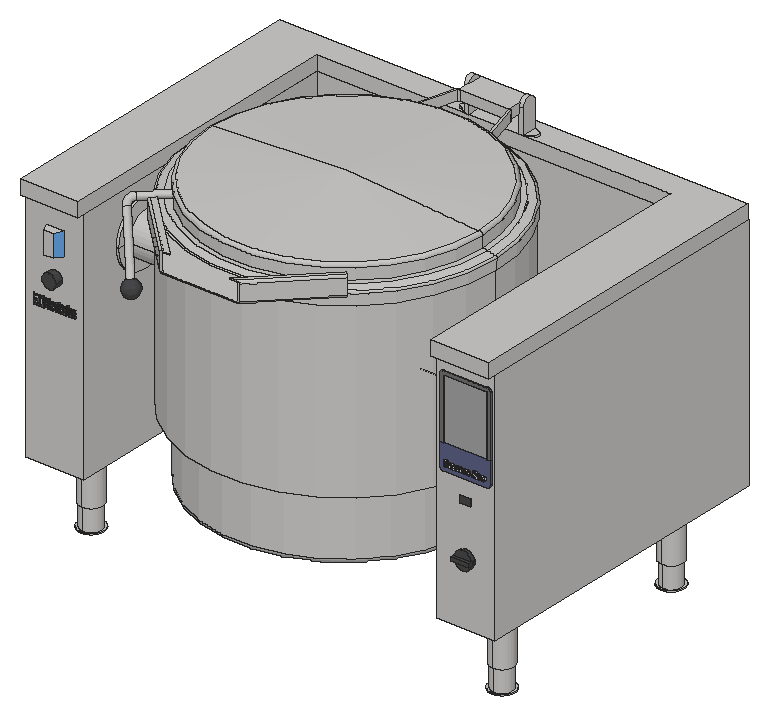
Revit family "QF_ELECTROLUXPROFESSIONAL_587180_PBOT15SCJO", category Attrezzature speciali, Revit 2020
Family settings
  Quota connettore circolare = Usa diametro
  Tipo di parte = Normale
  Basato su piano di lavoro = No
  Sempre verticale = Sì
  Taglio con vuoti quando caricato = No
  Condiviso = No
  Punto di calcolo locali = No
Parameters (values of type "Standard")
  Weight = 260.00 kg
  Watts = 200 W
  Volts = 230 V
  URL Manufacturer = "https://www.electroluxprofessional.com/"
  URL = "https://www.electroluxprofessional.com/"
  Steam Supply Size = 25.4 mm
  Steam Supply Minimum Pressure = 3.28084 Pa
  Steam Supply Maximum Pressure = 4.92126 Pa
  Steam Consumption per Hour = 65
  Refrigeration Suction Line Size = 0.0 mm
  Refrigeration Liquid Line Size = 0.0 mm
  Refrigerant Compressor Remote = yes
  Prospetto di default = 0.0 mm
  Produttore = "Electrolux Professional"
  Phase = 1
  Modello = "PBOT15SCJO"
  Length Actual = 1300.0 mm  # constant formula
  Item Number = "587180"
  Hot Water Size = 12.7 mm
  Height Actual = 700.0 mm  # constant formula
  HP = "0.3 HP"
  Gas Size = 0 mm
  Gas KW = 0
  Gas Input Pressure = 0 W
  Direct Waste Size = 0 mm
  Descrizione = "STEAM (ELEC) BOILING PAN,TILTING,150L,230V,FS,MARINE"
  Depth Actual = 900.0 mm  # constant formula
  Cycle = 50 Hz
  Condensate Return Size = 25.4 mm
  Compressed Air Volume = 0.0 L/s
  Compressed Air Size = 0 mm
  Compressed Air Pressure = 0.0 Pa
  Cold Water Size = 12.7 mm
  Accessory = yes
Reference planes
  plane 1 "Center (Front/Back)": y = 0
  plane 2: z = 0
  plane 3 "Center (Left/Right)": x = 0
  plane 4 "LEFT": x = -650
  plane 5 "RIGHT": x = 650
  plane 6 "BACK": y = 450
  plane 7 "FRONT": y = -450
  plane 8 "Base": z = 200
  plane 9 "TOP": z = 900
  plane 10: x = -490
  plane 11: x = 490
  plane 12 "Axe_PentolaY": y = -230
  plane 13 "AxePentolaZ": z = 730
  plane 14 "PLANE_TOP": z = 860
  plane 15: y = 380
  plane 16: x = -414.5
  plane 17 "PentolaH1": z = 910
  plane 18 "PentolaH2": z = 430
  plane 19 "Pentola_H3": z = 220
  plane 20: x = -378.5
  plane 21: y = -640
  plane 22 "CentroPentolaY": y = -133
  plane 23 "TopCoperchio": z = 1011
  plane 24 "Versamento": z = 940
  plane 25 "V1": through (-184.414, -566.187, 4000) normal (-0.7071, -0.7071, 0)
  plane 26 "V2": through (96.404, -654.197, 4000) normal (-0.7071, 0.7071, 0)
  plane 27 "Gfront": y = -1450
  plane 28 "LEVEL": through (-363.841, -304.214, 4000) normal (0.7071, 0.7071, 0)
  plane 29 "GRight": x = 250
  plane 30 "GLeft": x = -250
  plane 31: z = 1845
  plane 32 "Ribaltamento": y = -715
  plane 33: x = -570
  plane 34: x = 570
  plane 35 "AttaccoManiglia": z = 970
  plane 36 "GBack": y = -250
Forms (mm)
  Revolve 1, solid, material "QF_Finishes_Stainless Steel"
    sketch origin (0, 0, 730) x (-1, 0, 0) y (0, -1, 0)
      loop
        line (490, 230) -> (-490, 230) -> (-490, 140) -> (-480, 140) -> (-480, 173) -> (480, 173) -> (480, 140) -> (490, 140) -> (490, 230)
      axis (490, 230) -> (-490, 230)
    angle from 0 to 360
  Extrusion 2, solid, material "QF_Finishes_Stainless Steel"
    sketch origin (0, 0, 860) x (-1, 0, 0) y (0, -1, 0)
      loop
        line (650, 450) -> (490, 450) -> (490, -380) -> (-490, -380) -> (-490, 450) -> (-650, 450) -> (-650, -450) -> (650, -450) -> (650, 450)
    from 0 to 40
  Extrusion 3, solid, material "QF_Finishes_Stainless Steel"
    sketch origin (0, 0, 860) x (-1, 0, 0) y (0, -1, 0)
      loop
        line (490, -380) -> (-490, -380) -> (-490, -450) -> (490, -450) -> (490, -380)
    from 0 to -360
  Revolve 4, solid, material "QF_Finishes_Stainless Steel"
    sketch origin (0, -133, 0) x (-1, 0, 0) y (0, 0, 1)
      loop
        line (0, 910) -> (0, 220)
        arc (0, 220) -> (184.45, 226.112) -> (368.088, 244.449) r 2780.07
        arc (368.088, 244.449) -> (375.529, 248.439) -> (378.5, 256.343) r 12
        line (378.5, 256.343) -> (378.5, 430) -> (414.5, 430) -> (414.5, 910) -> (0, 910)
      axis (0, 910) -> (0, 220)
    angle from 0 to 360
  Revolve 5, solid, material "QF_Finishes_Stainless Steel"
    sketch origin (0, -133, 0) x (-1, 0, 0) y (0, 0, 1)
      loop
        line (419.5, 910) -> (419.5, 938.417)
        arc (419.5, 938.417) -> (418.283, 942.04) -> (415.126, 944.193) r 6
        line (415.126, 944.193) -> (394.5, 950) -> (378.5, 950) -> (378.5, 981.04)
        arc (378.5, 981.04) -> (375.943, 987.718) -> (369.58, 990.981) r 10
        arc (369.58, 990.981) -> (185.061, 1005.992) -> (0, 1011) r 3421.506
        line (0, 1011) -> (0, 910) -> (419.5, 910)
      axis (0, 1011) -> (0, 910)
    angle from 0 to 360
  Extrusion 6, solid, material "QF_Finishes_Stainless Steel"
    sketch origin (0, 0, 940) x (-1, 0, 0) y (0, -1, 0)
      loop
        line (102.116, 640) -> (-102.116, 640) -> (-271.533, 470.582) -> (-261.763, 460.812)
        arc (-261.763, 460.812) -> (0, 552.5) -> (261.763, 460.812) r 419.5
        line (261.763, 460.812) -> (271.533, 470.582) -> (102.116, 640)
    from 0 to 3
  Sweep 7, solid, material "QF_Finishes_Stainless Steel"
    path origin (0, 0, 940) x (-1, 0, 0) y (0, -1, 0)
      loop
        line (95.464, 655.137) -> (275.776, 474.825)
    profile origin (-185.62, -564.981, 940) x (-0.707107, -0.707107, 0) y (0, 0, 1)
      loop
        arc (-6, 0) -> (-1.757, 1.757) -> (0, 6) r 6
        line (0, 6) -> (0, 50)
        arc (0, 50) -> (-1.757, 54.243) -> (-6, 56) r 6
        line (-6, 56) -> (-19, 56) -> (-19, 53) -> (-6, 53)
        arc (-6, 53) -> (-3.879, 52.121) -> (-3, 50) r 3
        line (-3, 50) -> (-3, 6)
        arc (-3, 6) -> (-3.879, 3.879) -> (-6, 3) r 3
        line (-6, 3) -> (-19, 3) -> (-19, 0) -> (-6, 0)
  Sweep 8, solid, material "QF_Finishes_Stainless Steel"
    path origin (0, 0, 940) x (-1, 0, 0) y (0, -1, 0)
      loop
        line (-94.349, 656.252) -> (-275.776, 474.825)
    profile origin (185.063, -565.538, 940) x (-0.707107, 0.707107, 0) y (0, 0, 1)
      loop
        arc (0, 6) -> (1.757, 1.757) -> (6, 0) r 6
        line (6, 0) -> (19, 0) -> (19, 3) -> (6, 3)
        arc (6, 3) -> (3.879, 3.879) -> (3, 6) r 3
        line (3, 6) -> (3, 50)
        arc (3, 50) -> (3.879, 52.121) -> (6, 53) r 3
        line (6, 53) -> (19, 53) -> (19, 56) -> (6, 56)
        arc (6, 56) -> (1.757, 54.243) -> (0, 50) r 6
        line (0, 50) -> (0, 6)
  Extrusion 9, solid, material "QF_Finishes_Stainless Steel"
    sketch origin (0, 0, 0) x (0, 1, 0) y (0, 0, 1)
      loop
        line (420, 900) -> (420, 968.813)
        arc (420, 968.813) -> (400, 988.813) -> (380, 968.813) r 20
        line (380, 968.813) -> (380, 900) -> (420, 900)
    from -70 to -82
  Extrusion 10, solid, material "QF_Finishes_Stainless Steel"
    sketch origin (0, 0, 900) x (0, 1, 0) y (-1, 0, 0)
      loop
        arc (341.132, 72.4) -> (343.874, 70.425) -> (344.734, 67.158) r 5
        line (344.734, 67.158) -> (344.734, -67.158)
        arc (344.734, -67.158) -> (343.874, -70.425) -> (341.132, -72.4) r 5
        line (341.132, -72.4) -> (231.01, -103.724) -> (229.26, -109.68) -> (342.51, -77.206)
        arc (342.51, -77.206) -> (346.951, -74.535) -> (349.459, -70) r 10
        line (349.459, -70) -> (420, -70) -> (420, 70) -> (349.459, 70)
        arc (349.459, 70) -> (346.951, 74.535) -> (342.51, 77.206) r 10
        line (342.51, 77.206) -> (229.346, 109.396) -> (231.01, 103.724) -> (341.132, 72.4)
    from 50 to 77.177
  Extrusion 11, solid, material "QF_Finishes_Stainless Steel"
    sketch origin (0, 0, 0) x (0, 1, 0) y (0, 0, 1)
      loop
        line (420, 900) -> (420, 968.813)
        arc (420, 968.813) -> (400, 988.813) -> (380, 968.813) r 20
        line (380, 968.813) -> (380, 900) -> (420, 900)
    from 70 to 82
  Extrusion 12, solid, material "QF_Finishes_Stainless Steel"
    sketch origin (0, 0, 900) x (0, 1, 0) y (-1, 0, 0)
      loop
        arc (391.973, -103.927) -> (400, -108.689) -> (408.027, -103.927) r 9.146
        line (408.027, -103.927) -> (420, -82) -> (380, -82) -> (391.973, -103.927)
      loop
        line (391.973, 103.927) -> (380, 82) -> (420, 82) -> (408.027, 103.927)
        arc (408.027, 103.927) -> (400, 108.689) -> (391.973, 103.927) r 9.146
    from 0 to 3
  Extrusion 13, solid, material "QF_Door-Drawer Clearances", detail levels coarse
    sketch origin (0, 0, 0) x (0, 1, 0) y (0, 0, 1)
      loop
        line (-640, 946) -> (-640, 996)
        arc (-640, 996) -> (-711.263, 644.885) -> (-547.5, 326.229) r 541.018
        line (-547.5, 326.229) -> (-547.5, 910) -> (-552.5, 910) -> (-552.5, 940) -> (-635.757, 940)
        spline (-635.757, 940) -> (-636.311, 940.051) -> (-636.855, 940.204) -> (-637.381, 940.457) -> (-637.879, 940.804) -> (-638.34, 941.24) -> (-638.757, 941.757) -> (-639.123, 942.347) -> (-639.432, 943) -> (-639.677, 943.704) -> (-639.855, 944.447) -> (-639.964, 945.217) -> (-640, 946)
    from -100 to 100
  Extrusion 14, void
    sketch origin (0, 0, 940) x (-1, 0, 0) y (0, -1, 0)
      loop
        line (110.601, 640) -> (110.601, 657.601) -> (-110.601, 657.601) -> (-110.601, 640) -> (110.601, 640)
    from 0 to 71
  Extrusion 15, solid, material "QF_Door-Drawer Clearances", detail levels coarse
    sketch origin (0, 0, 0) x (0, 1, 0) y (0, 0, 1)
      loop
        line (420, 968.813) -> (420, 988.813) -> (369.196, 1192.575)
        arc (369.196, 1192.575) -> (324.911, 1429.101) -> (245, 1656.082) r 1570.008
        line (245, 1656.082) -> (194.38, 1845)
        arc (194.38, 1845) -> (-395.616, 1600.616) -> (-640, 1010.62) r 834.38
        line (-640, 1010.62) -> (-640, 996.062) -> (-400, 996.062)
        arc (-400, 996.062) -> (-132.5, 1011) -> (135, 996.062) r 2402.625
        line (135, 996.062) -> (245, 996.062) -> (245, 954.644) -> (380, 954.644) -> (380, 968.813)
        arc (380, 968.813) -> (400, 988.813) -> (420, 968.813) r 20
    from -100 to 100
Cuts and joins
  Extrusion 14 cuts Extrusion 6
  Extrusion 14 cuts Sweep 7
  Extrusion 14 cuts Sweep 8
  joined: Extrusion 6, Sweep 7, Sweep 8
  Extrusion 14 cuts Extrusion 13
Lines and regions (mm)
  symbolic lines
    curve 1: line (650, 450, 900) -> (-650, 450, 900)
    curve 2: line (650, -450, 900) -> (650, 450, 900)
    curve 3: line (-650, 450, 900) -> (-650, -450, 900)
    curve 4: line (-650, -450, 900) -> (-490, -450, 900)
    curve 5: line (-490, -450, 900) -> (-490, 380, 900)
    curve 6: line (490, 380, 900) -> (490, -450, 900)
    curve 7: line (490, -450, 900) -> (650, -450, 900)
    curve 8: line (-480, -140, 900) -> (-480, -320, 900)
    curve 9: line (-480, -140, 900) -> (-490, -140, 900)
    curve 10: line (-480, -320, 900) -> (-490, -320, 900)
    curve 11: line (480, -140, 900) -> (490, -140, 900)
    curve 12: line (480, -320, 900) -> (490, -320, 900)
    curve 13: line (-70, 349.459, 900) -> (-70, 420, 900)
    curve 14: line (-82, 420, 900) -> (82, 420, 900)
    curve 15: line (70, 420, 900) -> (70, 349.459, 900)
    curve 16: line (-66.757, 345, 900) -> (66.757, 345, 900)
    curve 17: line (-110.601, -640, 900) -> (-275.776, -474.825, 900)
    curve 18: line (-275.776, -474.825, 900) -> (-249.31, -448.359, 900)
    curve 19: line (-262.341, -461.39, 900) -> (-97.166, -626.565, 900)
    curve 20: line (97.166, -626.565, 900) -> (262.341, -461.39, 900)
    curve 21: line (249.31, -448.359, 900) -> (275.776, -474.825, 900)
    curve 22: line (275.776, -474.825, 900) -> (110.601, -640, 900)
    curve 23: line (-103.927, 391.973, 900) -> (-82, 380, 900)
    curve 24: arc (-103.927, 408.027, 900) -> (-108.689, 400, 900) -> (-103.927, 391.973, 900) r 9.146
    curve 25: line (-82, 420, 900) -> (-103.927, 408.027, 900)
    curve 26: line (-82, 420, 900) -> (-82, 380, 900)
    curve 27: line (82, 380, 900) -> (82, 420, 900)
    curve 28: line (103.927, 408.027, 900) -> (82, 420, 900)
    curve 29: arc (103.927, 391.973, 900) -> (108.689, 400, 900) -> (103.927, 408.027, 900) r 9.146
    curve 30: line (82, 380, 900) -> (103.927, 391.973, 900)
    curve 35: line (-490, 380, 900) -> (-70, 380, 900)
    curve 36: line (490, 380, 900) -> (70, 380, 900)
    curve 37: line (-480, -173, 900) -> (-414.188, -173, 900)
    curve 38: line (-480, -287, 900) -> (-389.822, -287, 900)
    curve 39: line (480, -172.761, 900) -> (416.676, -172.761, 900)
    curve 59: line (480, -287, 900) -> (389.209, -287, 900)
    curve 71: line (480, -320, 940) -> (480, -140, 940)
    curve 72: circle (0, -133, 940) r 378.5 normal (0, 0, 1)
    curve 73: circle (0, -133, 940) r 355.51 normal (0, 0, -1)
    curve 74: arc (-296.381, -428.564, 940) -> (302.734, 156.053, 940) -> (-308.944, -415.406, 940) r 418.569
  symbolic lines, style "SpecialityEquipmentHiddenLines"
    curve 31: line (-250, -1450, 900) -> (250, -1450, 900)
    curve 32: line (-250, -250, 900) -> (-250, -1450, 900)
    curve 33: line (250, -1450, 900) -> (250, -250, 900)
    curve 56: line (0, -1315.484, 900) -> (0, -1285.484, 900)
    curve 57: line (-15, -1300.484, 900) -> (15, -1300.484, 900)
    curve 60: arc (-72.4, 341.132, 940) -> (-70.425, 343.874, 940) -> (-67.158, 344.734, 940) r 5
    curve 61: arc (-70, 349.459, 940) -> (-74.535, 346.951, 940) -> (-77.206, 342.51, 940) r 10
    curve 62: arc (77.206, 342.51, 940) -> (74.535, 346.951, 940) -> (70, 349.459, 940) r 10
    curve 63: arc (67.158, 344.734, 940) -> (70.425, 343.874, 940) -> (72.4, 341.132, 940) r 5
    curve 68: line (-97.166, -626.565, 940) -> (-110.601, -640, 940)
    curve 69: line (97.166, -626.565, 940) -> (110.601, -640, 940)
    curve 70: line (250, -250, 940) -> (-250, -250, 940)
  symbolic lines, style "SpecialityEquipment"
    curve 34: circle (0, -1300.484, 900) r 15 normal (0, 0, 1)
    curve 40: line (210, -1450, 900) -> (210, -1250, 900)
    curve 41: line (170, -1450, 900) -> (170, -1290, 900)
    curve 42: line (130, -1450, 900) -> (130, -1330, 900)
    curve 43: line (90, -1450, 900) -> (90, -1370, 900)
    curve 44: line (90, -1410, 900) -> (250, -1410, 900)
    curve 45: line (130, -1370, 900) -> (250, -1370, 900)
    curve 46: line (170, -1330, 900) -> (250, -1330, 900)
    curve 47: line (210, -1290, 900) -> (250, -1290, 900)
    curve 48: line (-210, -1450, 900) -> (-210, -1250, 900)
    curve 49: line (-170, -1450, 900) -> (-170, -1290, 900)
    curve 50: line (-130, -1450, 900) -> (-130, -1330, 900)
    curve 51: line (-90, -1450, 900) -> (-90, -1370, 900)
    curve 52: line (-90, -1410, 900) -> (-250, -1410, 900)
    curve 53: line (-130, -1370, 900) -> (-250, -1370, 900)
    curve 54: line (-170, -1330, 900) -> (-250, -1330, 900)
    curve 55: line (-210, -1290, 900) -> (-250, -1290, 900)
    curve 58: line (-110.601, -640, 900) -> (110.601, -640, 900)
    curve 64: line (72.4, 341.132, 940) -> (103.999, 230.932, 940)
    curve 65: line (109.68, 229.26, 940) -> (77.206, 342.51, 940)
    curve 66: line (-103.724, 231.01, 940) -> (-72.4, 341.132, 940)
    curve 67: line (-77.206, 342.51, 940) -> (-109.68, 229.26, 940)
Dimensions and locks
  plane 4 "LEFT" to plane 5 "RIGHT" = 1300.0 mm
  equal spacing: plane 4 "LEFT", plane 3 "Center (Left/Right)", plane 5 "RIGHT"
  equal spacing: plane 6 "BACK", plane 1 "Center (Front/Back)", plane 7 "FRONT"
  plane 6 "BACK" to plane 7 "FRONT" = 900.0 mm
  plane 8 "Base" to level = 200.0 mm
  plane 9 "TOP" to level = 900.0 mm
  plane 9 "TOP" to plane 8 "Base" = 700.0 mm
  locked: plane 4 "LEFT" to plane 10 at 160
  locked: plane 11 to plane 5 "RIGHT" at 160
  locked: plane 6 "BACK" to plane 12 "Axe_PentolaY" at 680
  locked: plane 13 "AxePentolaZ" to plane 8 "Base" at 530
  locked: Revolve 1 sketch curve to Revolve 1 sketch curve at 57
  locked: Revolve 1 sketch curve to Revolve 1 sketch curve at 90
  locked: plane 10 to Revolve 1 sketch curve at 10
  locked: Revolve 1 sketch curve to plane 11 at 10
  locked: plane 9 "TOP" to plane 14 "PLANE_TOP" at 40
  plane 6 "BACK" to plane 15 = 70.0 mm
  locked: plane 17 "PentolaH1" to plane 13 "AxePentolaZ" at 180
  locked: plane 13 "AxePentolaZ" to plane 18 "PentolaH2" at 300
  locked: plane 18 "PentolaH2" to plane 19 "Pentola_H3" at 210
  locked: plane 3 "Center (Left/Right)" to plane 16 at 414.5
  locked: plane 3 "Center (Left/Right)" to plane 20 at 378.5
  Revolve 5 sketch curve to plane 17 "PentolaH1" = 40.0 mm
  locked: plane 16 to Revolve 5 sketch curve at 5
  plane 6 "BACK" to plane 21 = 1090.0 mm
  locked: plane 6 "BACK" to plane 22 "CentroPentolaY" at 583
  locked: plane 23 "TopCoperchio" to plane 9 "TOP" at 111
  locked: plane 24 "Versamento" to level at 940
  plane 6 "BACK" to plane 27 "Gfront" = 1900.0 mm
  locked: plane 30 "GLeft" to plane 3 "Center (Left/Right)" at 250
  locked: plane 3 "Center (Left/Right)" to plane 29 "GRight" at 250
  plane 31 to plane 9 "TOP" = 945.0 mm
  plane 6 "BACK" to plane 32 "Ribaltamento" = 1165.0 mm
  equal spacing: plane 10, plane 33, plane 4 "LEFT"
  equal spacing: plane 5 "RIGHT", plane 34, plane 11
  locked: plane 35 "AttaccoManiglia" to level at 970
  plane 6 "BACK" to plane 36 "GBack" = 700.0 mm
  aligned and locked: level to plane 2
  aligned and locked: plane 5 "RIGHT" to nested 2
  aligned and locked: plane 4 "LEFT" to nested 1
  aligned and locked: plane 8 "Base" to nested 1
  aligned and locked: plane 8 "Base" to nested 2
  aligned and locked: plane 6 "BACK" to nested 2
  aligned and locked: plane 6 "BACK" to nested 1
  aligned and locked: plane 10 to Revolve 1 sketch curve
  aligned and locked: plane 11 to Revolve 1 sketch curve
  aligned and locked: plane 4 "LEFT" to Extrusion 2 sketch curve
  aligned and locked: Extrusion 2 sketch curve to plane 10
  aligned and locked: plane 7 "FRONT" to Extrusion 2 sketch curve  (x2)
  aligned and locked: Extrusion 2 sketch curve to plane 5 "RIGHT"
  aligned and locked: plane 11 to Extrusion 2 sketch curve
  aligned and locked: Extrusion 2 sketch curve to plane 6 "BACK"
  aligned and locked: plane 15 to Extrusion 2 sketch curve
  aligned and locked: Extrusion 3 sketch curve to plane 10
  aligned and locked: plane 6 "BACK" to Extrusion 3 sketch curve
  aligned and locked: plane 11 to Extrusion 3 sketch curve
  aligned and locked: Extrusion 3 sketch curve to plane 15
  aligned and locked: plane 3 "Center (Left/Right)" to Revolve 4 sketch curve
  aligned and locked: Revolve 4 sketch curve to plane 20
  aligned and locked: Revolve 4 sketch curve to plane 18 "PentolaH2"
  aligned and locked: Revolve 4 sketch curve to plane 16
  aligned and locked: plane 17 "PentolaH1" to Revolve 4 sketch curve
  aligned and locked: Revolve 5 sketch curve to plane 17 "PentolaH1"
  aligned and locked: Extrusion 9 sketch curve to plane 15
  aligned and locked: Extrusion 9 sketch curve to Extrusion 2
  aligned and locked: curve 31 to plane 27 "Gfront"
  aligned and locked: curve 32 to plane 30 "GLeft"
  aligned and locked: plane 29 "GRight" to curve 33
  aligned and locked: plane 33 to nested 3
  aligned and locked: plane 34 to nested 4
  aligned and locked: plane 36 "GBack" to curve 70
Automatic sketch dimensions
  Revolve 4 sketch curve to plane 3 "Center (Left/Right)" = 0.0 mm
  Revolve 4 sketch curve to plane 19 "Pentola_H3" = 0.0 mm
  Revolve 4 sketch curve to plane 3 "Center (Left/Right)" = 0.201 mm
  Revolve 4 sketch curve to Revolve 4 sketch curve = 12.0 mm
  plane 19 "Pentola_H3" to Revolve 4 sketch curve = 36.343 mm
  plane 31 to Revolve 4 sketch curve = 1155.07 mm
  level to Revolve 4 sketch curve = 60.0 mm
  plane 23 "TopCoperchio" to Revolve 4 sketch curve = 179.0 mm
  Extrusion 6 sketch curve to plane 21 = 0.0 mm
  Extrusion 6 sketch curve to plane 3 "Center (Left/Right)" = 0.0 mm
  Extrusion 6 sketch curve to plane 22 "CentroPentolaY" = 0.0 mm
  plane 3 "Center (Left/Right)" to Extrusion 6 sketch curve = 102.116 mm
  plane 29 "GRight" to Extrusion 6 sketch curve = 11.763 mm
  Extrusion 6 sketch curve to Extrusion 6 sketch curve = 9.771 mm  (x2)
  Extrusion 6 sketch curve to plane 3 "Center (Left/Right)" = 102.116 mm
  Extrusion 6 sketch curve to plane 30 "GLeft" = 11.763 mm
  Extrusion 6 sketch curve to plane 7 "FRONT" = 10.812 mm
  plane 25 "V1" to Sweep 7 sketch curve = 0.0 mm
  Sweep 7 sketch curve to plane 25 "V1" = 0.0 mm
  Sweep 7 sketch curve to plane 21 = 15.137 mm
  Sweep 7 sketch curve to plane 7 "FRONT" = 24.825 mm
  Sweep 7 sketch curve to Sweep 7 sketch curve = 0.0 mm  (x4)
  plane 24 "Versamento" to Sweep 7 sketch curve = 0.0 mm
  Sweep 7 sketch curve to profile plane = 0.0 mm
  profile plane to Sweep 7 sketch curve = 3.0 mm
  Sweep 7 sketch curve to Sweep 7 sketch curve = 3.0 mm  (x2)
  Sweep 7 sketch curve to Sweep 7 sketch curve = 13.0 mm  (x2)
  Sweep 7 sketch curve to Sweep 7 sketch curve = 44.0 mm
  Sweep 8 sketch curve to plane 26 "V2" = 0.0 mm  (x2)
  Sweep 8 sketch curve to plane 7 "FRONT" = 24.825 mm
  Sweep 8 sketch curve to plane 21 = 16.252 mm
  Sweep 8 sketch curve to Sweep 8 sketch curve = 0.0 mm  (x4)
  Sweep 8 sketch curve to profile plane = 0.0 mm
  plane 24 "Versamento" to Sweep 8 sketch curve = 0.0 mm
  Sweep 8 sketch curve to Sweep 8 sketch curve = 3.0 mm  (x2)
  Sweep 8 sketch curve to profile plane = 6.0 mm
  Sweep 8 sketch curve to Sweep 8 sketch curve = 13.0 mm  (x2)
  Sweep 8 sketch curve to Sweep 8 sketch curve = 44.0 mm
  Extrusion 9 sketch curve to plane 35 "AttaccoManiglia" = 1.187 mm
  Extrusion 9 sketch curve to Extrusion 9 sketch curve = 20.0 mm
  Extrusion 11 sketch curve to plane 9 "TOP" = 0.0 mm
  Extrusion 11 sketch curve to plane 15 = 0.0 mm
  Extrusion 11 sketch curve to plane 35 "AttaccoManiglia" = 1.187 mm
  Extrusion 11 sketch curve to Extrusion 11 sketch curve = 20.0 mm
  Extrusion 12 sketch curve to plane 15 = 0.0 mm  (x2)
  plane 15 to Extrusion 12 sketch curve = 11.973 mm  (x2)
  Extrusion 12 sketch curve to Extrusion 12 sketch curve = 8.027 mm  (x4)
  Extrusion 12 sketch curve to Extrusion 12 sketch curve = 11.973 mm  (x2)
  plane 3 "Center (Left/Right)" to Extrusion 12 sketch curve = 103.927 mm
  Extrusion 12 sketch curve to Extrusion 12 sketch curve = 4.383 mm  (x2)
  Extrusion 12 sketch curve to Extrusion 12 sketch curve = 21.927 mm
  Extrusion 12 sketch curve to plane 3 "Center (Left/Right)" = 82.0 mm
  Extrusion 12 sketch curve to Extrusion 12 sketch curve = 17.543 mm
  Extrusion 13 sketch curve to plane 21 = 0.0 mm
  Extrusion 13 sketch curve to plane 24 "Versamento" = 0.0 mm
  Extrusion 13 sketch curve to plane 17 "PentolaH1" = 0.0 mm
  plane 21 to Extrusion 13 sketch curve = 4.243 mm
  plane 21 to Extrusion 13 sketch curve = 87.5 mm
  Extrusion 13 sketch curve to Extrusion 13 sketch curve = 5.0 mm
  Extrusion 13 sketch curve to plane 13 "AxePentolaZ" = 11.099 mm
  Extrusion 13 sketch curve to plane 22 "CentroPentolaY" = 42.331 mm
  plane 8 "Base" to Extrusion 13 sketch curve = 126.229 mm
  plane 24 "Versamento" to Extrusion 13 sketch curve = 6.0 mm
  Extrusion 14 sketch curve to plane 21 = 0.0 mm
  Extrusion 14 sketch curve to plane 26 "V2" = 0.0 mm
  plane 25 "V1" to Extrusion 14 sketch curve = 0.0 mm
  Extrusion 14 sketch curve to Extrusion 14 sketch curve = 17.601 mm
  Extrusion 15 sketch curve to plane 21 = 0.0 mm
  Extrusion 15 sketch curve to plane 31 = 0.0 mm
  Extrusion 15 sketch curve to plane 15 = 0.0 mm
  plane 23 "TopCoperchio" to Extrusion 15 sketch curve = 11.753 mm
  plane 27 "Gfront" to Extrusion 15 sketch curve = 258.4 mm
  Extrusion 15 sketch curve to plane 23 "TopCoperchio" = 14.938 mm  (x2)
  plane 7 "FRONT" to Extrusion 15 sketch curve = 50.0 mm
  plane 22 "CentroPentolaY" to Extrusion 15 sketch curve = 0.5 mm
  Extrusion 15 sketch curve to plane 23 "TopCoperchio" = 0.38 mm
  Extrusion 15 sketch curve to Extrusion 15 sketch curve = 50.62 mm
  Extrusion 15 sketch curve to plane 15 = 135.0 mm
  Extrusion 15 sketch curve to plane 15 = 10.804 mm
  Extrusion 15 sketch curve to plane 35 "AttaccoManiglia" = 1.187 mm
  Extrusion 15 sketch curve to Extrusion 15 sketch curve = 20.0 mm
  Extrusion 15 sketch curve to Extrusion 15 sketch curve = 14.168 mm
  Extrusion 15 sketch curve to level = 1391.625 mm
  plane 35 "AttaccoManiglia" to Extrusion 15 sketch curve = 18.813 mm
  plane 23 "TopCoperchio" to Extrusion 15 sketch curve = 181.575 mm
  curve 56 to plane 3 "Center (Left/Right)" = 0.0 mm
  curve 34 to plane 3 "Center (Left/Right)" = 0.0 mm
  curve 58 to plane 21 = 0.0 mm
  curve 18 to plane 25 "V1" = 0.0 mm
  curve 21 to plane 26 "V2" = 0.0 mm
  curve 4 to plane 4 "LEFT" = 0.0 mm
  curve 4 to plane 7 "FRONT" = 0.0 mm
  curve 6 to plane 7 "FRONT" = 0.0 mm
  curve 12 to plane 11 = 0.0 mm
  curve 10 to plane 10 = 0.0 mm
  curve 33 to plane 36 "GBack" = 0.0 mm
  curve 32 to plane 36 "GBack" = 0.0 mm
  curve 26 to plane 15 = 0.0 mm
  curve 27 to plane 15 = 0.0 mm
  curve 2 to plane 5 "RIGHT" = 0.0 mm
  curve 2 to plane 6 "BACK" = 0.0 mm
  curve 22 to plane 26 "V2" = 0.0 mm
  plane 25 "V1" to curve 17 = 0.0 mm
  plane 27 "Gfront" to curve 34 = 149.516 mm
  curve 18 to plane 7 "FRONT" = 24.825 mm
  curve 21 to plane 7 "FRONT" = 24.825 mm
  plane 10 to curve 8 = 10.0 mm
  curve 8 to plane 36 "GBack" = 70.0 mm
  curve 8 to plane 22 "CentroPentolaY" = 7.0 mm
  plane 15 to curve 30 = 11.973 mm
  plane 15 to curve 23 = 11.973 mm
  curve 23 to curve 24 = 8.027 mm
  curve 30 to curve 29 = 8.027 mm
  curve 24 to curve 25 = 8.027 mm
  curve 29 to curve 28 = 8.027 mm
  curve 28 to curve 28 = 11.973 mm
  plane 3 "Center (Left/Right)" to curve 30 = 103.927 mm
  curve 28 to curve 29 = 4.383 mm
  curve 28 to curve 27 = 21.927 mm
  curve 25 to plane 3 "Center (Left/Right)" = 82.0 mm
  curve 14 to curve 24 = 17.543 mm
  curve 24 to curve 25 = 4.383 mm
  curve 31 to curve 44 = 40.0 mm
  curve 31 to curve 52 = 40.0 mm
  curve 44 to curve 45 = 40.0 mm
  curve 52 to curve 53 = 40.0 mm
  curve 43 to curve 45 = 0.0 mm
  curve 53 to curve 51 = 0.0 mm
  curve 45 to curve 46 = 40.0 mm
  curve 53 to curve 54 = 40.0 mm
  curve 42 to curve 46 = 0.0 mm
  curve 54 to curve 50 = 0.0 mm
  curve 56 to curve 34 = 15.0 mm
  curve 34 to curve 57 = 0.0 mm
  curve 54 to curve 55 = 40.0 mm
  curve 46 to curve 47 = 40.0 mm
  curve 41 to curve 47 = 0.0 mm
  curve 55 to curve 49 = 0.0 mm
  curve 47 to curve 40 = 40.0 mm
  curve 55 to curve 48 = 40.0 mm
  plane 21 to curve 20 = 13.435 mm
  plane 21 to curve 19 = 13.435 mm
  curve 20 to plane 7 "FRONT" = 11.39 mm
  curve 19 to plane 7 "FRONT" = 11.39 mm
  plane 30 "GLeft" to curve 18 = 0.69 mm
  curve 21 to plane 29 "GRight" = 0.69 mm
  curve 12 to plane 36 "GBack" = 70.0 mm
  curve 59 to plane 11 = 10.0 mm
  curve 12 to curve 59 = 33.0 mm
  curve 38 to plane 20 = 11.322 mm
  curve 38 to plane 36 "GBack" = 37.0 mm
  curve 39 to plane 11 = 10.0 mm
  curve 39 to plane 22 "CentroPentolaY" = 39.761 mm
  plane 16 to curve 37 = 0.312 mm
  curve 37 to plane 22 "CentroPentolaY" = 40.0 mm
  curve 11 to plane 22 "CentroPentolaY" = 7.0 mm
  curve 16 to plane 15 = 35.0 mm
  curve 16 to curve 13 = 4.459 mm
  curve 16 to curve 15 = 4.459 mm
  curve 11 to plane 11 = 10.0 mm
  curve 12 to plane 11 = 10.0 mm
  curve 39 to curve 39 = 63.324 mm
  curve 59 to curve 59 = 90.791 mm
  curve 40 to plane 29 "GRight" = 40.0 mm
  curve 47 to curve 41 = 40.0 mm
  curve 41 to curve 42 = 40.0 mm
  curve 42 to curve 43 = 40.0 mm
  curve 14 to curve 15 = 12.0 mm
  curve 15 to curve 16 = 3.243 mm
  curve 16 to curve 23 = 15.243 mm
  curve 13 to curve 14 = 12.0 mm
  curve 51 to plane 3 "Center (Left/Right)" = 90.0 mm
  curve 51 to curve 53 = 40.0 mm
  curve 50 to curve 49 = 40.0 mm
  curve 49 to curve 48 = 40.0 mm
  plane 12 "Axe_PentolaY" to Revolve 1 sketch curve = 0.0 mm
  Revolve 1 sketch curve to plane 12 "Axe_PentolaY" = 0.0 mm
  plane 5 "RIGHT" to Revolve 1 sketch curve = 432.098 mm
  Revolve 1 sketch curve to plane 4 "LEFT" = 580.148 mm
  Revolve 1 sketch curve to plane 22 "CentroPentolaY" = 7.0 mm
  Revolve 5 sketch curve to plane 3 "Center (Left/Right)" = 0.0 mm  (x2)
  plane 20 to Revolve 5 sketch curve = 0.0 mm
  Revolve 5 sketch curve to plane 23 "TopCoperchio" = 0.0 mm
  plane 35 "AttaccoManiglia" to Revolve 5 sketch curve = 11.04 mm
  Revolve 5 sketch curve to Revolve 5 sketch curve = 10.0 mm
  Revolve 5 sketch curve to plane 20 = 16.0 mm
  plane 16 to Revolve 5 sketch curve = 1.0 mm
  Revolve 5 sketch curve to plane 16 = 0.626 mm
  Revolve 5 sketch curve to level = 2410.506 mm
  Revolve 5 sketch curve to plane 24 "Versamento" = 1.583 mm
  Revolve 5 sketch curve to plane 18 "PentolaH2" = 95.0 mm
  plane 23 "TopCoperchio" to Revolve 5 sketch curve = 179.0 mm
  Extrusion 10 sketch curve to Extrusion 10 sketch curve = 0.0 mm  (x4)
  Extrusion 10 sketch curve to plane 15 = 150.74 mm
  Extrusion 10 sketch curve to Extrusion 10 sketch curve = 1.75 mm
  Extrusion 10 sketch curve to plane 15 = 40.247 mm  (x2)
  Extrusion 10 sketch curve to Extrusion 10 sketch curve = 1.378 mm  (x4)
  Extrusion 10 sketch curve to Extrusion 10 sketch curve = 4.981 mm
  Extrusion 10 sketch curve to Extrusion 10 sketch curve = 4.725 mm  (x2)
  Extrusion 10 sketch curve to plane 6 "BACK" = 30.0 mm
  plane 3 "Center (Left/Right)" to Extrusion 10 sketch curve = 109.68 mm
  Extrusion 10 sketch curve to Extrusion 10 sketch curve = 5.955 mm
  plane 3 "Center (Left/Right)" to Extrusion 10 sketch curve = 77.206 mm
  Extrusion 10 sketch curve to Extrusion 10 sketch curve = 4.806 mm
  Extrusion 10 sketch curve to Extrusion 10 sketch curve = 2.4 mm
  Extrusion 10 sketch curve to plane 3 "Center (Left/Right)" = 67.158 mm
  Extrusion 10 sketch curve to Extrusion 10 sketch curve = 0.436 mm
  Extrusion 10 sketch curve to plane 3 "Center (Left/Right)" = 70.0 mm
  Extrusion 10 sketch curve to Extrusion 10 sketch curve = 113.164 mm
  Extrusion 10 sketch curve to Extrusion 10 sketch curve = 1.664 mm
  Extrusion 10 sketch curve to plane 3 "Center (Left/Right)" = 103.724 mm
  Extrusion 10 sketch curve to Extrusion 10 sketch curve = 5.672 mm
  curve 60 to curve 61 = 0.0 mm  (x2)
  curve 62 to curve 63 = 0.0 mm  (x2)
  curve 72 to curve 73 = 0.0 mm  (x2)
  curve 72 to curve 74 = 0.0 mm
  curve 73 to curve 74 = 0.0 mm
  curve 70 to plane 29 "GRight" = 0.0 mm
  curve 69 to plane 21 = 0.0 mm
  curve 69 to plane 26 "V2" = 0.0 mm
  curve 72 to plane 3 "Center (Left/Right)" = 0.0 mm
  curve 68 to plane 21 = 0.0 mm
  plane 25 "V1" to curve 68 = 0.0 mm
  curve 70 to plane 30 "GLeft" = 0.0 mm
  curve 73 to plane 22 "CentroPentolaY" = 0.0 mm
  curve 65 to plane 15 = 37.49 mm
  plane 3 "Center (Left/Right)" to curve 65 = 77.206 mm
  curve 65 to curve 64 = 4.806 mm
  curve 63 to curve 62 = 4.806 mm
  curve 61 to plane 3 "Center (Left/Right)" = 67.593 mm
  curve 66 to plane 15 = 38.868 mm
  curve 60 to curve 66 = 4.806 mm
  curve 67 to plane 15 = 37.49 mm
  curve 60 to curve 67 = 4.806 mm
  curve 65 to curve 64 = 1.378 mm
  curve 60 to curve 61 = 1.378 mm
  curve 63 to curve 63 = 1.378 mm
  curve 71 to plane 11 = 10.0 mm
  plane 3 "Center (Left/Right)" to curve 65 = 109.68 mm
  curve 65 to curve 64 = 5.681 mm
  plane 21 to curve 69 = 13.435 mm
  curve 69 to curve 69 = 13.435 mm
  curve 63 to curve 62 = 2.4 mm
  curve 62 to curve 63 = 0.436 mm
  curve 60 to curve 60 = 0.436 mm
  curve 60 to curve 61 = 2.842 mm
  plane 21 to curve 68 = 13.435 mm
  curve 68 to curve 68 = 13.435 mm
  curve 66 to plane 3 "Center (Left/Right)" = 103.724 mm
  curve 66 to curve 67 = 5.955 mm
  plane 7 "FRONT" to curve 74 = 21.436 mm
  curve 74 to plane 30 "GLeft" = 46.381 mm
  curve 74 to curve 74 = 12.564 mm
  curve 64 to curve 65 = 1.672 mm
  curve 71 to plane 22 "CentroPentolaY" = 7.0 mm
  curve 71 to plane 36 "GBack" = 70.0 mm
  radius of curve 73 = 355.51 mm
Nested families
  nested 1: "QF_ELECTROLUXPROFESSIONAL_PBOTS900_LEFT" at (-570, 0, 0), type "QF_ELECTROLUXPROFESSIONAL_PBOTS900_LEFT"
    with Body Finish QF_Finishes_Stainless Steel
  nested 2: "QF_ELECTROLUXPROFESSIONAL_PBOTS900_RIGHT" at (570, 0, 0), type "QF_ELECTROLUXPROFESSIONAL_PBOTS900_RIGHT"
    with Body Finish QF_Finishes_Stainless Steel
  nested 3: "QF_ELECTROLUXPROFESSIONAL_2FEET_THL_120xH200" at (-570, 0, 0), type "QF_ELECTROLUXPROFESSIONAL_2FEET_THL_120xH200"
  nested 4: "QF_ELECTROLUXPROFESSIONAL_2FEET_THL_120xH200" at (570, 0, 0), type "QF_ELECTROLUXPROFESSIONAL_2FEET_THL_120xH200"
  nested 5: "QF_ELECTROLUXPROFESSIONAL_PBOT900_LEVEL1" at (-274.438, -393.617, 970) x (0.7071, 0.7071, 0) z (0, 0, 1), type "QF_ELECTROLUXPROFESSIONAL_PBOT900_LEVEL1"
Connectors
  piping at (-600, 453, 395), diameter 12.7, driven by "Hot Water Size"
    settings: on nested 1, index 1, connector inside diameter 609.6 mm, connector length 0.0 mm, flow factor 0, pipe flow 0.0 L/s, pressure drop 0.0 Pa, fitting loss kfactor 0, connector angle 0.00°, fixture units 0, engagement length 0.0 mm, angle of deflection 0.00°, flow configuration 1, flow direction 1, fitting loss method 0, system type 19, joint type 0, gender type 0, connector reference index -1, connector utility 0, adjustable connector no, is connector primary yes, connector description "Hot Water Inlet"
  piping at (-600, 453, 395), diameter 12.7, driven by "Cold Water Size"
    settings: on nested 1, index 2, connector inside diameter 609.6 mm, connector length 0.0 mm, flow factor 0, pipe flow 0.0 L/s, pressure drop 0.0 Pa, fitting loss kfactor 0, connector angle 0.00°, fixture units 0, engagement length 0.0 mm, angle of deflection 0.00°, flow configuration 1, flow direction 1, fitting loss method 0, system type 20, joint type 0, gender type 0, connector reference index -1, connector utility 0, adjustable connector no, is connector primary no, connector description "Cold Water Inlet"
  electrical at (570, 450, 450), driven by "Volts"
    settings: on nested 2, index 3, voltage 230 V, apparent load 0 VA, apparent load phase1 0 VA, apparent load phase2 0 VA, apparent load phase3 0 VA, power factor 1, load classification "Other", number of poles 1, system type 30, power factor state 1, is connector primary yes, connector utility no, sub classification motor no, connector description "Electrical Connection"
  piping at (-570, 453, 340), diameter 25.4
    settings: on nested 1, index 4, connector inside diameter 609.6 mm, connector length 0.0 mm, flow factor 0, pipe flow 0.0 L/s, pressure drop 0.0 Pa, fitting loss kfactor 0, connector angle 0.00°, fixture units 0, engagement length 0.0 mm, angle of deflection 0.00°, flow configuration 1, flow direction 2, fitting loss method 0, system type 8, joint type 0, gender type 0, connector reference index -1, connector utility 0, adjustable connector no, is connector primary no, connector description "Steam Outlet"
  piping at (570, 453, 340), diameter 25.4
    settings: on nested 2, index 5, connector inside diameter 609.6 mm, connector length 0.0 mm, flow factor 0, pipe flow 0.0 L/s, pressure drop 0.0 Pa, fitting loss kfactor 0, connector angle 0.00°, fixture units 0, engagement length 0.0 mm, angle of deflection 0.00°, flow configuration 1, flow direction 1, fitting loss method 0, system type 7, joint type 0, gender type 0, connector reference index -1, connector utility 0, adjustable connector no, is connector primary no, connector description "Steam Inlet"
Definition of nested family "QF_ELECTROLUXPROFESSIONAL_PBOTS900_LEFT"
  Parameters
    Width = 160.0 mm
    Steam_z = 140.0 mm
    Steam_y = 239.0 mm
    Right = Width / 2  # 80.0 mm
    Default Elevation = 0.0 mm
    Left = -Width / 2  # -80.0 mm
    Htop = 40.0 mm
    Height = 900.0 mm
    HW_CW_z = 195.0 mm
    HW_CW_y = 312.0 mm
    HW_CW_Border = 50.0 mm
    HBase = 200.0 mm
    Depth = 900.0 mm
    BorderFront = 20.0 mm
    Body Finish [instance] = none
  Reference planes
    plane 1 "Center (Front/Back)": y = 0
    plane 2: z = 0
    plane 3 "Center (Left/Right)": x = 0
    plane 4 "LEFT": x = -80
    plane 5 "RIGHT": x = 80
    plane 6 "BACK": y = 450
    plane 7 "FRONT": y = -450
    plane 8 "TRAYSLIDER": y = -811.8
    plane 9 "Base": z = 200
    plane 10 "TOP": z = 900
    plane 11 "BorderFront": y = -430
    plane 12: z = 860
    plane 13 "HW_CW": y = 138
    plane 14: x = -30
    plane 15: x = 30
    plane 16 "SteamO": y = 211
    plane 17 "STEAM": z = 340
    plane 18 "CHW": z = 395
  Forms (mm)
    Extrusion 1, solid
      sketch origin (0, 0, 0) x (1, 0, 0) y (0, 1, 0)
        loop
          line (-80, 450) -> (-80, -430) -> (80, -430) -> (80, 450) -> (-80, 450)
      from 860 to 200
    Extrusion 2, solid
      sketch origin (-1.5, -430, 0) x (-1, 0, 0) y (0, 0, 1)
        loop
          circle (-1.5, 673.484) r 20
      from 0 to -20
    Extrusion 3, solid, material <- "Body Finish"
      sketch origin (0, 450, 0) x (-1, 0, 0) y (0, 0, 1)
        loop
          circle (30, 395) r 6.35
        loop
          circle (-30, 395) r 6.35
      from 3 to 0
    Blend 4, solid, material <- "Body Finish"
      base sketch origin (0, -430, -0.233) x (-1, 0, 0) y (0, 0, 1)
        loop
          line (23.5, 800.233) -> (-23.5, 800.233) -> (-23.5, 733.433) -> (23.5, 733.433) -> (23.5, 800.233)
      top sketch origin (0, -430, -0.233) x (-1, 0, 0) y (0, 0, 1)
        loop
          line (13.448, 797.45) -> (-13.448, 797.45) -> (-13.448, 736.216) -> (13.448, 736.216) -> (13.448, 797.45)
      from 0 to -20
    Extrusion 5, solid
      sketch origin (-12.54, -430, 23) x (-1, 0, 0) y (0, 0, 1)
        loop
          line (5.327, 593.058) -> (5.327, 590.846) -> (11.437, 590.846) -> (11.437, 587.616) -> (5.692, 587.616) -> (5.692, 585.398) -> (11.437, 585.398) -> (11.437, 583.444)
          arc (11.437, 583.444) -> (10.839, 582.088) -> (9.435, 581.614) r 1.838
          line (9.435, 581.614) -> (5.163, 581.614) -> (5.163, 579.403) -> (9.986, 579.403)
          arc (9.986, 579.403) -> (12.674, 580.517) -> (13.788, 583.205) r 3.802
          line (13.788, 583.205) -> (13.788, 593.058) -> (5.327, 593.058)
        loop
          line (3.492, 593.058) -> (1.141, 593.058) -> (1.141, 579.403) -> (3.492, 579.403) -> (3.492, 593.058)
        loop
          line (-47.588, 593.058) -> (-49.941, 593.058) -> (-49.941, 579.403) -> (-47.588, 579.403) -> (-47.588, 593.058)
        loop
          arc (-2.749, 583.764) -> (-3.194, 582.272) -> (-4.489, 581.409) r 2.29
          arc (-4.489, 581.409) -> (-6.614, 581.225) -> (-8.443, 582.322) r 3.458
          line (-8.443, 582.322) -> (-9.836, 580.928)
          arc (-9.836, 580.928) -> (-7.685, 579.48) -> (-5.119, 579.102) r 5.86
          arc (-5.119, 579.102) -> (-1.823, 580.467) -> (-0.457, 583.764) r 4.662
          arc (-0.457, 583.764) -> (-1.495, 587.706) -> (-5.131, 589.55) r 4.976
          arc (-5.131, 589.55) -> (-9.259, 588.004) -> (-10.466, 583.764) r 4.89
          line (-10.466, 583.764) -> (-2.749, 583.764)
        loop
          arc (-2.808, 585.417) -> (-3.843, 587.066) -> (-5.727, 587.557) r 2.64
          arc (-5.727, 587.557) -> (-7.36, 586.981) -> (-8.104, 585.417) r 2.256
          line (-8.104, 585.417) -> (-2.808, 585.417)
        loop
          arc (-19.634, 586.402) -> (-17.741, 587.437) -> (-15.609, 587.112) r 3.369
          arc (-15.609, 587.112) -> (-14.276, 585.699) -> (-14.118, 583.764) r 2.933
          arc (-14.118, 583.764) -> (-16.389, 581.316) -> (-19.559, 582.365) r 3.088
          line (-19.559, 582.365) -> (-21.028, 580.896)
          arc (-21.028, 580.896) -> (-14.811, 579.611) -> (-11.775, 585.186) r 5.33
          arc (-11.775, 585.186) -> (-13.576, 588.365) -> (-17.009, 589.62) r 5.293
          arc (-17.009, 589.62) -> (-19.259, 589.219) -> (-21.111, 587.878) r 5.117
          line (-21.111, 587.878) -> (-19.634, 586.402)
        loop
          line (-22.556, 593.058) -> (-24.908, 593.058) -> (-24.908, 589.279) -> (-27.044, 589.279) -> (-27.044, 587.143) -> (-24.908, 587.143) -> (-24.908, 583.764)
          arc (-24.908, 583.764) -> (-25.11, 582.682) -> (-25.866, 581.883) r 1.949
          arc (-25.866, 581.883) -> (-26.455, 581.649) -> (-27.088, 581.601) r 2.118
          line (-27.088, 581.601) -> (-27.088, 579.397)
          arc (-27.088, 579.397) -> (-24.962, 579.678) -> (-23.283, 581.013) r 4.018
          arc (-23.283, 581.013) -> (-22.759, 582.327) -> (-22.556, 583.727) r 6.031
          line (-22.556, 583.727) -> (-22.556, 593.058)
        loop
          line (-31.355, 584.595) -> (-31.355, 579.403) -> (-29.023, 579.403) -> (-29.023, 589.279) -> (-31.355, 589.279) -> (-31.355, 587.855)
          arc (-31.355, 587.855) -> (-32.932, 589.208) -> (-35.001, 589.403) r 3.432
          line (-35.001, 589.403) -> (-35.001, 587.143)
          arc (-35.001, 587.143) -> (-33.417, 587.175) -> (-32.009, 586.452) r 3.231
          arc (-32.009, 586.452) -> (-31.523, 585.579) -> (-31.355, 584.595) r 2.967
        loop
          circle (-40.752, 584.339) r 5.233
        loop
          circle (-40.752, 584.339) r 3.172
        loop
          line (-58.424, 583.516) -> (-58.424, 589.279) -> (-60.794, 589.279) -> (-60.794, 583.417)
          arc (-60.794, 583.417) -> (-59.481, 580.276) -> (-56.268, 579.153) r 4.181
          arc (-56.268, 579.153) -> (-53.09, 580.243) -> (-51.74, 583.32) r 4.181
          line (-51.74, 583.32) -> (-51.74, 589.279) -> (-54.111, 589.279) -> (-54.111, 583.516)
          arc (-54.111, 583.516) -> (-54.692, 581.919) -> (-56.268, 581.283) r 2.088
          arc (-56.268, 581.283) -> (-57.843, 581.919) -> (-58.424, 583.516) r 2.088
        loop
          line (-62.216, 589.279) -> (-64.76, 589.279) -> (-66.89, 586.347) -> (-69.053, 589.279) -> (-71.621, 589.279) -> (-68.238, 584.695) -> (-71.937, 579.4) -> (-69.425, 579.4) -> (-66.898, 582.879) -> (-64.408, 579.4) -> (-61.879, 579.4) -> (-65.631, 584.642) -> (-62.216, 589.279)
        loop
          arc (12.465, 573.743) -> (10.91, 572.325) -> (12.18, 570.647) r 1.561
          line (12.18, 570.647) -> (13.314, 570.647) -> (13.314, 569.021) -> (14.34, 569.021) -> (14.34, 573.743) -> (12.465, 573.743)
        loop
          line (12.224, 571.575) -> (13.314, 571.575) -> (13.314, 572.789) -> (12.224, 572.789)
          arc (12.224, 572.789) -> (11.836, 572.182) -> (12.224, 571.575) r 0.668
        loop
          arc (5.055, 573.743) -> (3.966, 573.299) -> (3.497, 572.221) r 1.559
          arc (3.497, 572.221) -> (3.646, 571.544) -> (4.091, 571.012) r 1.458
          line (4.091, 571.012) -> (3.163, 569.021) -> (4.265, 569.021) -> (4.944, 570.647) -> (5.937, 570.647) -> (5.937, 569.021) -> (6.963, 569.021) -> (6.963, 573.743) -> (5.055, 573.743)
        loop
          line (5.937, 572.789) -> (4.847, 572.789)
          arc (4.847, 572.789) -> (4.459, 572.182) -> (4.847, 571.575) r 0.668
          line (4.847, 571.575) -> (5.937, 571.575) -> (5.937, 572.789)
        loop
          circle (-2.866, 571.382) r 2.453
        loop
          circle (-2.866, 571.382) r 1.557
        loop
          line (-9.35, 573.743) -> (-12.299, 573.743) -> (-12.299, 572.725) -> (-10.352, 572.725) -> (-10.352, 571.729) -> (-12.129, 571.729) -> (-12.129, 570.671) -> (-10.352, 570.671) -> (-10.352, 569.021) -> (-9.35, 569.021) -> (-9.35, 573.743)
        loop
          line (-16.282, 573.743) -> (-19.27, 573.743) -> (-19.27, 572.851) -> (-17.252, 572.851) -> (-17.252, 571.921) -> (-19.139, 571.921) -> (-19.139, 571.029) -> (-17.252, 571.029)
          arc (-17.252, 571.029) -> (-17.355, 570.353) -> (-17.883, 569.916) r 0.961
          line (-17.883, 569.916) -> (-19.316, 569.916) -> (-19.316, 569.024) -> (-17.792, 569.024)
          arc (-17.792, 569.024) -> (-16.717, 569.474) -> (-16.282, 570.555) r 1.51
          line (-16.282, 570.555) -> (-16.282, 573.743)
        loop
          line (-33.381, 573.145) -> (-32.842, 572.436)
          arc (-32.842, 572.436) -> (-32.43, 572.802) -> (-31.895, 572.931) r 1.135
          arc (-31.895, 572.931) -> (-31.448, 572.574) -> (-31.757, 572.093) r 0.427
          arc (-31.757, 572.093) -> (-32.293, 571.892) -> (-32.815, 571.659) r 9.371
          arc (-32.815, 571.659) -> (-33.228, 571.39) -> (-33.551, 571.017) r 1.779
          arc (-33.551, 571.017) -> (-33.7, 570.209) -> (-33.41, 569.439) r 1.535
          arc (-33.41, 569.439) -> (-32.755, 569.091) -> (-32.028, 568.946) r 2.556
          arc (-32.028, 568.946) -> (-31.439, 569.005) -> (-30.895, 569.238) r 1.957
          arc (-30.895, 569.238) -> (-30.416, 569.671) -> (-30.118, 570.245) r 1.815
          line (-30.118, 570.245) -> (-30.944, 570.63)
          arc (-30.944, 570.63) -> (-31.179, 570.219) -> (-31.563, 569.943) r 1.118
          arc (-31.563, 569.943) -> (-32.007, 569.83) -> (-32.453, 569.935) r 0.963
          arc (-32.453, 569.935) -> (-32.693, 570.417) -> (-32.345, 570.828) r 0.489
          arc (-32.345, 570.828) -> (-31.793, 571.095) -> (-31.211, 571.289) r 4.78
          arc (-31.211, 571.289) -> (-30.52, 572.116) -> (-30.631, 573.188) r 1.385
          arc (-30.631, 573.188) -> (-31.232, 573.642) -> (-31.964, 573.821) r 1.872
          arc (-31.964, 573.821) -> (-32.756, 573.658) -> (-33.381, 573.145) r 1.69
        loop
          line (-37.714, 573.743) -> (-38.684, 573.743) -> (-38.684, 569.024) -> (-37.714, 569.024) -> (-37.714, 573.743)
        loop
          circle (-45.226, 571.384) r 1.468
        loop
          circle (-45.226, 571.384) r 2.451
        loop
          line (-51.736, 569.024) -> (-51.736, 573.743) -> (-52.679, 573.743) -> (-54.838, 570.686) -> (-54.838, 573.743) -> (-55.818, 573.743) -> (-55.818, 569.024) -> (-54.875, 569.024) -> (-52.716, 571.991) -> (-52.716, 569.024) -> (-51.736, 569.024)
        loop
          line (-60.71, 569.024) -> (-59.668, 569.024) -> (-61.514, 573.743) -> (-62.424, 573.743) -> (-64.417, 569.024) -> (-63.375, 569.024) -> (-62.915, 570.042) -> (-61.17, 570.042) -> (-60.71, 569.024)
        loop
          line (-62.48, 571.01) -> (-61.558, 571.01) -> (-62.012, 572.047) -> (-62.48, 571.01)
        loop
          line (-69.237, 569.916) -> (-71.051, 569.916) -> (-71.051, 569.024) -> (-68.266, 569.024) -> (-68.266, 573.743) -> (-69.237, 573.743) -> (-69.237, 569.916)
        loop
          line (-26.307, 573.145) -> (-25.768, 572.436)
          arc (-25.768, 572.436) -> (-25.356, 572.802) -> (-24.821, 572.931) r 1.135
          arc (-24.821, 572.931) -> (-24.373, 572.574) -> (-24.683, 572.093) r 0.427
          arc (-24.683, 572.093) -> (-25.218, 571.892) -> (-25.74, 571.659) r 9.371
          arc (-25.74, 571.659) -> (-26.153, 571.39) -> (-26.476, 571.017) r 1.779
          arc (-26.476, 571.017) -> (-26.625, 570.209) -> (-26.336, 569.439) r 1.535
          arc (-26.336, 569.439) -> (-25.681, 569.091) -> (-24.953, 568.946) r 2.556
          arc (-24.953, 568.946) -> (-24.365, 569.005) -> (-23.821, 569.238) r 1.957
          arc (-23.821, 569.238) -> (-23.341, 569.671) -> (-23.044, 570.245) r 1.815
          line (-23.044, 570.245) -> (-23.87, 570.63)
          arc (-23.87, 570.63) -> (-24.105, 570.219) -> (-24.488, 569.943) r 1.118
          arc (-24.488, 569.943) -> (-24.933, 569.83) -> (-25.379, 569.935) r 0.963
          arc (-25.379, 569.935) -> (-25.619, 570.417) -> (-25.27, 570.828) r 0.489
          arc (-25.27, 570.828) -> (-24.718, 571.095) -> (-24.137, 571.289) r 4.78
          arc (-24.137, 571.289) -> (-23.445, 572.116) -> (-23.556, 573.188) r 1.385
          arc (-23.556, 573.188) -> (-24.158, 573.642) -> (-24.889, 573.821) r 1.872
          arc (-24.889, 573.821) -> (-25.681, 573.658) -> (-26.307, 573.145) r 1.69
        loop
          arc (28.462, 593.245) -> (19.282, 580.828) -> (28.462, 568.412) r 12.987
          line (28.462, 568.412) -> (28.462, 593.245)
        loop
          line (29.418, 593.324) -> (29.418, 591.35)
          arc (29.418, 591.35) -> (32.835, 584.89) -> (39.417, 581.715) r 11.707
          line (39.417, 581.715) -> (45.017, 581.715)
          arc (45.017, 581.715) -> (39.886, 591.105) -> (29.418, 593.324) r 12.809
        loop
          line (29.725, 570.21) -> (29.725, 568.093)
          arc (29.725, 568.093) -> (40.061, 570.682) -> (45.028, 580.108) r 13.06
          line (45.028, 580.108) -> (40.92, 580.108)
          arc (40.92, 580.108) -> (33.58, 577.129) -> (29.725, 570.21) r 11.93
        loop
          line (45.971, 594.6) -> (18.333, 594.6) -> (18.333, 567) -> (45.971, 567) -> (45.971, 594.6)
      from -1.6 to 0
    Extrusion 6, solid
      sketch origin (0, 0, 200) x (0, 1, 0) y (-1, 0, 0)
        loop
          circle (138, 30) r 5
        loop
          circle (138, -30) r 5
      from 0 to -3
    Extrusion 7, solid
      sketch origin (0, 73, 200) x (0, 1, 0) y (-1, 0, 0)
        loop
          circle (138, 0) r 12.7
      from 0 to -3
    Extrusion 8, solid, material <- "Body Finish"
      sketch origin (0, 450, -55) x (-1, 0, 0) y (0, 0, 1)
        loop
          circle (0, 395) r 12.7
      from 3 to 0
  Lines and regions (mm)
    symbolic lines
      curve 1: line (80, 450, 0) -> (-80, 450, 0)
      curve 2: line (-80, 450, 0) -> (-80, -430, 0)
  Dimensions and locks
    "Width": plane 4 "LEFT" to plane 5 "RIGHT"
    equal spacing: plane 4 "LEFT", plane 3 "Center (Left/Right)", plane 5 "RIGHT"
    equal spacing: plane 6 "BACK", plane 1 "Center (Front/Back)", plane 7 "FRONT"
    "Depth": plane 6 "BACK" to plane 7 "FRONT"
    "BorderFront": plane 11 "BorderFront" to plane 7 "FRONT"
    "Htop": plane 10 "TOP" to plane 12
    "Height": plane 10 "TOP" to level
    "HBase": plane 9 "Base" to level
    "HW_CW_y": plane 6 "BACK" to plane 13 "HW_CW"
    "HW_CW_Border": plane 4 "LEFT" to plane 14
    "HW_CW_Border": plane 15 to plane 5 "RIGHT"
    "Steam_y": plane 6 "BACK" to plane 16 "SteamO"
    "Steam_z": plane 17 "STEAM" to plane 9 "Base"
    "HW_CW_z": plane 18 "CHW" to plane 9 "Base"
    aligned and locked: level to plane 2
    aligned and locked: plane 11 "BorderFront" to Extrusion 1 sketch curve
    aligned and locked: plane 12 to Extrusion 1
    aligned and locked: Extrusion 1 to plane 9 "Base"
    aligned and locked: plane 4 "LEFT" to Extrusion 1 sketch curve
    aligned and locked: Extrusion 1 sketch curve to plane 5 "RIGHT"
    aligned and locked: Extrusion 1 sketch curve to plane 6 "BACK"
  Automatic sketch dimensions
    curve 1 to plane 4 "LEFT" = 0.0 mm
    curve 1 to plane 5 "RIGHT" = 0.0 mm
    curve 2 to plane 11 "BorderFront" = 0.0 mm
    curve 2 to plane 6 "BACK" = 0.0 mm
    Extrusion 2 sketch curve to plane 3 "Center (Left/Right)" = 0.0 mm
    Extrusion 2 sketch curve to plane 12 = 186.516 mm
    Extrusion 3 sketch curve to plane 15 = 0.0 mm
    Extrusion 3 sketch curve to plane 14 = 0.0 mm
    Extrusion 3 sketch curve to plane 18 "CHW" = 0.0 mm  (x2)
    Blend 4 sketch curve to plane 15 = 6.5 mm
    plane 14 to Blend 4 sketch curve = 6.5 mm
    Blend 4 sketch curve to plane 12 = 126.8 mm
    Blend 4 sketch curve to plane 12 = 60.0 mm
    plane 3 "Center (Left/Right)" to Blend 4 sketch curve = 13.448 mm
    Blend 4 sketch curve to plane 3 "Center (Left/Right)" = 13.448 mm
    Blend 4 sketch curve to plane 12 = 124.017 mm
    Blend 4 sketch curve to Blend 4 sketch curve = 61.233 mm
    Extrusion 5 sketch curve to Extrusion 5 sketch curve = 0.0 mm  (x37)
    Extrusion 5 sketch curve to plane 5 "RIGHT" = 20.603 mm
    Extrusion 5 sketch curve to Extrusion 5 sketch curve = 0.317 mm
    Extrusion 5 sketch curve to Extrusion 5 sketch curve = 0.886 mm
    Extrusion 5 sketch curve to Extrusion 5 sketch curve = 2.512 mm
    Extrusion 5 sketch curve to Extrusion 5 sketch curve = 1.815 mm
    Extrusion 5 sketch curve to Extrusion 5 sketch curve = 2.567 mm
    Extrusion 5 sketch curve to Extrusion 5 sketch curve = 0.97 mm  (x3)
    Extrusion 5 sketch curve to Extrusion 5 sketch curve = 0.815 mm  (x2)
    Extrusion 5 sketch curve to Extrusion 5 sketch curve = 1.341 mm
    Extrusion 5 sketch curve to Extrusion 5 sketch curve = 1.348 mm
    Extrusion 5 sketch curve to Extrusion 5 sketch curve = 1.259 mm
    Extrusion 5 sketch curve to Extrusion 5 sketch curve = 2.13 mm
    Extrusion 5 sketch curve to Extrusion 5 sketch curve = 3.849 mm
    Extrusion 5 sketch curve to Extrusion 5 sketch curve = 2.49 mm
    Extrusion 5 sketch curve to Extrusion 5 sketch curve = 1.043 mm
    Extrusion 5 sketch curve to Extrusion 5 sketch curve = 0.46 mm  (x2)
    Extrusion 5 sketch curve to Extrusion 5 sketch curve = 0.435 mm  (x3)
    Extrusion 5 sketch curve to Extrusion 5 sketch curve = 0.055 mm  (x2)
    Extrusion 5 sketch curve to Extrusion 5 sketch curve = 2.544 mm
    Extrusion 5 sketch curve to Extrusion 5 sketch curve = 0.468 mm
    Extrusion 5 sketch curve to Extrusion 5 sketch curve = 2.528 mm
    Extrusion 5 sketch curve to Extrusion 5 sketch curve = 0.922 mm
    Extrusion 5 sketch curve to Extrusion 5 sketch curve = 0.91 mm
    Extrusion 5 sketch curve to Extrusion 5 sketch curve = 0.388 mm
    Extrusion 5 sketch curve to Extrusion 5 sketch curve = 1.422 mm
    Extrusion 5 sketch curve to Extrusion 5 sketch curve = 1.042 mm
    Extrusion 5 sketch curve to Extrusion 5 sketch curve = 2.371 mm
    Extrusion 5 sketch curve to Extrusion 5 sketch curve = 1.809 mm  (x2)
    Extrusion 5 sketch curve to Extrusion 5 sketch curve = 0.273 mm  (x2)
    Extrusion 5 sketch curve to Extrusion 5 sketch curve = 0.147 mm
    Extrusion 5 sketch curve to Extrusion 5 sketch curve = 5.696 mm
    Extrusion 5 sketch curve to Extrusion 5 sketch curve = 0.943 mm
    Extrusion 5 sketch curve to Extrusion 5 sketch curve = 0.037 mm  (x2)
    Extrusion 5 sketch curve to Extrusion 5 sketch curve = 2.122 mm
    Extrusion 5 sketch curve to Extrusion 5 sketch curve = 2.372 mm
    Extrusion 5 sketch curve to Extrusion 5 sketch curve = 0.944 mm
    Extrusion 5 sketch curve to Extrusion 5 sketch curve = 1.799 mm
    Extrusion 5 sketch curve to Extrusion 5 sketch curve = 2.353 mm
    plane 15 to Extrusion 5 sketch curve = 2.686 mm
    Extrusion 5 sketch curve to plane 15 = 1.789 mm
    Extrusion 5 sketch curve to plane 15 = 3.856 mm
    Extrusion 5 sketch curve to Extrusion 5 sketch curve = 5.751 mm
    Extrusion 5 sketch curve to Extrusion 5 sketch curve = 0.679 mm
    Extrusion 5 sketch curve to Extrusion 5 sketch curve = 0.728 mm
    Extrusion 5 sketch curve to Extrusion 5 sketch curve = 0.178 mm
    Extrusion 5 sketch curve to Extrusion 5 sketch curve = 4.332 mm
    Extrusion 5 sketch curve to Extrusion 5 sketch curve = 0.539 mm  (x2)
    Extrusion 5 sketch curve to Extrusion 5 sketch curve = 0.634 mm  (x2)
    Extrusion 5 sketch curve to Extrusion 5 sketch curve = 0.036 mm  (x2)
    Extrusion 5 sketch curve to Extrusion 5 sketch curve = 0.114 mm  (x2)
    Extrusion 5 sketch curve to Extrusion 5 sketch curve = 0.807 mm  (x2)
    Extrusion 5 sketch curve to Extrusion 5 sketch curve = 0.007 mm  (x2)
    Extrusion 5 sketch curve to Extrusion 5 sketch curve = 0.156 mm  (x2)
    Extrusion 5 sketch curve to Extrusion 5 sketch curve = 0.005 mm  (x2)
    Extrusion 5 sketch curve to Extrusion 5 sketch curve = 0.083 mm  (x2)
    Extrusion 5 sketch curve to Extrusion 5 sketch curve = 0.13 mm  (x4)
    Extrusion 5 sketch curve to Extrusion 5 sketch curve = 0.009 mm  (x2)
    Extrusion 5 sketch curve to Extrusion 5 sketch curve = 0.159 mm  (x2)
    Extrusion 5 sketch curve to Extrusion 5 sketch curve = 0.075 mm  (x2)
    Extrusion 5 sketch curve to Extrusion 5 sketch curve = 0.025 mm  (x2)
    Extrusion 5 sketch curve to Extrusion 5 sketch curve = 2.918 mm
    Extrusion 5 sketch curve to Extrusion 5 sketch curve = 2.789 mm
    Extrusion 5 sketch curve to Extrusion 5 sketch curve = 0.908 mm  (x2)
